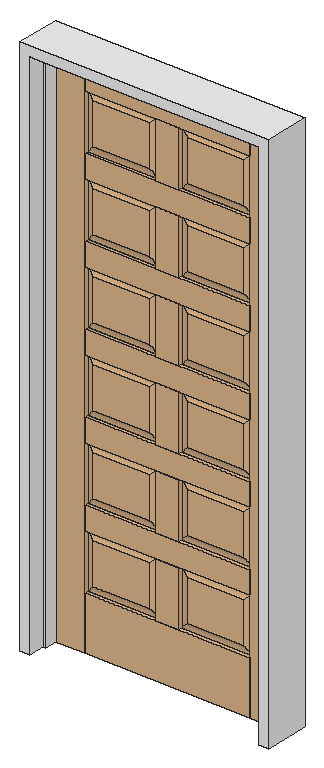
Revit family
Parameters (values of type "1 3/4" Raised Panel")
  URL = "http://www.karonadoor.com"
  Thickness Note = "Do not edit thickness."  # constant formula
  Thickness = 1.774"
  Swing Angle 2D = 90.00°
  SmartBIM Object Version = 1  # constant formula
  SmartBIM Object Created By = "Reed Construction Data"  # constant formula
  Rough Width = 0.000"
  Rough Height = 1.750"
  Panel = Panel_K3220_Karona : 1 3/4" - Raised Panel
  Model = "K3220 Square"  # constant formula
  Manufacturer = "Karona , Inc."  # constant formula
  Detail Door Thickness = 1.774"
  Assembly Code = ""
  Top Rail Height = 5.000"
  Top Rail = Wood, Cherry - Grain Horizontal
  Stile Width = 5.063"  # constant formula
  Stile = Wood, Cherry - Grain Vertical
  Sticking = Wood, Cherry - Grain Vertical
  Middle Rail = Wood, Cherry - Grain Horizontal
  Height = 84.000"
  Wall Closure = (empty or 0)
  Width = 36.000"
  Frame = Metal
  Bottom Rail Height = 8.500"
  Bottom Rail = Wood, Cherry - Grain Horizontal
  95 CSI = "08210"  # constant formula
  04 CSI = "08 14 33"  # constant formula
Types (9): name | Thickness | Rough Height | Panel | Detail Door Thickness | Top Rail
  1 3/4" Flat Panel | 1.774" | 1.750" | Panel_K3220_Karona : 1 3/4" - Flat Panel | 1.750" | Wood, Cherry - Grain Horizontal
  1 3/8" Flat Panel | 1.334" | 0.000" | Panel_K3220_Karona : 1 3/8" - Flat Panel | 1.375" | Wood, Cherry - Grain Vertical
  2 1/4" Flat Panel | 2.250" | 0.000" | Panel_K3220_Karona : 2 1/4" - Flat Panel | 2.250" | Wood, Cherry - Grain Horizontal
  1 3/4" Glass Panel | 1.774" | 1.750" | Panel_K3220_Karona : 1 3/4" - Glass Panel | 1.750" | Wood, Cherry - Grain Horizontal
  1 3/8" Glass Panel | 1.334" | 0.000" | Panel_K3220_Karona : 1 3/8" - Glass Panel | 1.375" | Wood, Cherry - Grain Vertical
  2 1/4" Glass Panel | 2.250" | 0.000" | Panel_K3220_Karona : 2 1/4" - Glass | 2.250" | Wood, Cherry - Grain Horizontal
  1 3/4" Raised Panel | 1.774" | 1.750" | Panel_K3220_Karona : 1 3/4" - Raised Panel | 1.774" | Wood, Cherry - Grain Horizontal
  1 3/8" Raised Panel | 1.334" | 0.000" | Panel_K3220_Karona : 1 3/8" - Raised Panel | 1.375" | Wood, Cherry - Grain Vertical
  2 1/4" Raised Panel | 2.250" | 0.000" | Panel_K3220_Karona : 2 1/4" - Raised Panel | 2.250" | Wood, Cherry - Grain Horizontal
Reference planes (in)
  plane 1 "Center (Front/Back)": y = 0
  plane 2 "Center (Left/Right)": x = 0
  plane 3 "Left": x = -18
  plane 4 "Right": x = 18
  plane 5 "Top": z = 84
  plane 6 "Exterior Edge of Frame": y = 3.5
  plane 7 "Interior Edge of Frame": y = -3.5
  plane 8: y = 1
  plane 9: y = -1
  plane 10 "Opening Left": x = -19.5
  plane 11 "Opening Right": x = 19.5
  plane 12 "Top of Opening": z = 85.5
  plane 13: x = -17.5
Forms (in)
  Sweep 1, solid, material "Metal" <- "Frame"
    path origin (0, 0, 0) x (1, 0, 0) y (0, 0, 1)
      loop
        line (-19.5, 0) -> (-19.5, 85.5) -> (19.5, 85.5) -> (19.5, 0)
    profile origin (-19.5, 0, 42.75) x (-1, 0, 0) y (0, -1, 0)
      loop
        line (0, -3.5) -> (0, 3.5) -> (-1.5, 3.5) -> (-1.5, 1) -> (-2, 1) -> (-2, -1) -> (-1.5, -1) -> (-1.5, -3.5) -> (0, -3.5)
Lines and regions (in)
  Opening 1
    outline origin (-90, -3, 0) x (1, 0, 0) y (0, 0, 1)
      loop
        line (70.5, 0) -> (109.5, 0) -> (109.5, 85.5) -> (70.5, 85.5) -> (70.5, 0)
  symbolic lines, style "Elevation Swing"
    curve 1: line (18, 3, 0) -> (-18, 3, 42)
    curve 2: line (-18, 3, 42) -> (18, 3, 84)
Text (in)
  text "Exterior" at (-46.13199, 20.20143, 0), in view "Ref. Level"
  text "Interior" at (-46.13199, -10.56751, 0), in view "Ref. Level"
  text "Exterior" at (0, 40.15149, 123.01588), in view "Right"
  text "Interior" at (0, -64.39139, 123.01588), in view "Right"
  text "Interior" at (0, -31.01599, 123.00693), in view "Left"
  text "Exterior" at (0, 54.57065, 123.00693), in view "Left"
Dimensions and locks (in)
  "Height": level to plane 5 "Top"
  "Width": plane 3 "Left" to plane 4 "Right"
  equal spacing: host wall, curve 2, plane 5 "Top"
  locked: host wall to plane 7 "Interior Edge of Frame" at 0.5
  locked: plane 6 "Exterior Edge of Frame" to host wall at 0.5
  locked: plane 9 to plane 7 "Interior Edge of Frame" at 2.5
  locked: plane 6 "Exterior Edge of Frame" to plane 8 at 2.5
  equal spacing: plane 3 "Left", plane 2 "Center (Left/Right)", plane 4 "Right"
  locked: plane 4 "Right" to plane 11 "Opening Right" at 1.5
  locked: plane 5 "Top" to plane 12 "Top of Opening" at 1.5
  locked: plane 3 "Left" to plane 13 at 0.5
  locked: plane 10 "Opening Left" to plane 3 "Left" at 1.5
  aligned and locked: Opening 1 sketch curve to level
  aligned and locked: plane 4 "Right" to curve 1
  aligned and locked: plane 3 "Left" to curve 1
  aligned and locked: plane 5 "Top" to curve 2
  aligned and locked: Opening 1 sketch curve to plane 11 "Opening Right"
  aligned and locked: plane 12 "Top of Opening" to Opening 1 sketch curve
  aligned and locked: Opening 1 sketch curve to plane 10 "Opening Left"
  aligned and locked: plane 10 "Opening Left" to Sweep 1 sketch curve
  aligned and locked: plane 12 "Top of Opening" to Sweep 1 sketch curve
  aligned and locked: plane 11 "Opening Right" to Sweep 1 sketch curve
  aligned and locked: level to Sweep 1 sketch curve  (x2)
  aligned and locked: Sweep 1 sketch curve to plane 10 "Opening Left"
  aligned and locked: Sweep 1 sketch curve to plane 6 "Exterior Edge of Frame"
  aligned and locked: Sweep 1 sketch curve to plane 7 "Interior Edge of Frame"
  aligned and locked: Sweep 1 sketch curve to plane 8
  aligned and locked: Sweep 1 sketch curve to plane 9
  aligned and locked: plane 13 to Sweep 1 sketch curve
  aligned and locked: plane 3 "Left" to Sweep 1 sketch curve  (x2)
  aligned and locked: nested 1 to plane 3 "Left"
  aligned and locked: nested 1 to plane 8
  aligned and locked: plane 2 "Center (Left/Right)" to nested 2
  aligned and locked: nested 2 to plane 8
Automatic sketch dimensions
  curve 1 to level = 0.000"
  curve 2 to plane 4 "Right" = 0.000"
Nested families (in)
  nested 1: "Door Panel Plan View" at (-31.5, 1, 0) x (-1, 0, 0) z (0, 0, 1), type "Door Panel Plan View"
    with Thickness 1.774", Height 84.000"
  nested 2: "Panel_K3220_Karona" at (13.5, 0.6575, 0), type <- "Panel", type "1 3/4" - Raised Panel"
    with Width 36.000", Top Rail Height 5.000", Top Panel Offset 9.36458", Thickness 1.774", Stile Width 5.063", Panel Width 11.1245", Panel Height 8.72917", Height 84.000", Half Panel Width 5.56225", Half Panel Height 4.36458", Exterior Edge - Glass Bottom Offset 0.567", Cross Rail and Panel Spacing Start 6.17708", Cross Rail Panel Height 12.35417", Bottom Rail Height 8.500"
Definition of nested family "Panel_K3220_Karona"
  Parameters (values of type "2 1/4" - Raised Panel")
    Width = 36.000"
    Top Rail Material = Wood, Cherry - Grain Horizontal
    Top Rail Height = 5.000"
    Top Panel Offset = Top Rail Height + Half Panel Height  # 9.03125"
    Thickness Note = "Do not change door thickness"  # constant formula
    Thickness = 2.250"
    Stile Width = 5.063"
    Stile Material = Wood, Cherry - Grain Vertical
    Sticking Material = Wood, Cherry - Grain Vertical
    Panel Width = (Width - (2 * Stile Width) - (1 * Mullion Width)) / 2  # 11.1245"
    Panel Height = (Height - (Bottom Rail Height + Top Rail Height) - (5 * 3.625")) / 6  # 8.0625"
    Panel = Glass-Sticking-Assembly-Square_Karona : Raised Panel
    Mullion Width = 3.625"  # constant formula
    Interior Panel = Wood, Cherry - Grain Vertical
    Height = 80.000"
    Half Panel Width = 0.5 * Panel Width  # 5.56225"
    Half Panel Height = 0.5 * Panel Height  # 4.03125"
    Exterior Edge - Glass Bottom Offset = if(Thickness = 1.774", 0.567", if(Thickness = 2.250", 0.803", 0.469"))  # 0.803"
    Door Panel Material = Wood, Cherry - Grain Vertical
    Default Elevation = 0.000"  # constant formula
    Cross Rail and Panel Spacing Start = Half Panel Height + 0.5 * (3.625")  # 5.84375"
    Cross Rail Panel Height = Panel Height + 3.625"  # 11.6875"
    Bottom Rail Material = Wood, Cherry - Grain Horizontal
    Bottom Rail Height = 8.500"
    Assembly Code = ""
  Types (9): name | Width | Top Rail Height | Top Panel Offset | Thickness | Stile Width | Panel Width | Panel Height | Panel | Interior Panel | Height | Half Panel Width | Half Panel Height | Exterior Edge - Glass Bottom Offset | Cross Rail and Panel Spacing Start | Cross Rail Panel Height | Bottom Rail Height
    2 1/4" - Flat Panel | 36.000" | 5.000" | 9.03125" | 2.250" | 5.063" | 11.1245" | 8.0625" | Glass-Sticking-Assembly-Square_Karona : Flat Panel | Wood, Cherry - Grain Vertical | 80.000" | 5.56225" | 4.03125" | 0.803" | 5.84375" | 11.6875" | 8.500"
    2 1/4" - Glass | 36.000" | 5.000" | 9.03125" | 2.250" | 5.063" | 11.1245" | 8.0625" | Glass-Sticking-Assembly-Square_Karona : Glass Panel | Glass | 80.000" | 5.56225" | 4.03125" | 0.803" | 5.84375" | 11.6875" | 8.500"
    2 1/4" - Raised Panel | 36.000" | 5.000" | 9.03125" | 2.250" | 5.063" | 11.1245" | 8.0625" | Glass-Sticking-Assembly-Square_Karona : Raised Panel | Wood, Cherry - Grain Vertical | 80.000" | 5.56225" | 4.03125" | 0.803" | 5.84375" | 11.6875" | 8.500"
    1 3/4" - Raised Panel | 48.000" | 10.000" | 14.32292" | 2.250" | 8.000" | 14.1875" | 8.64583" | Glass-Sticking-Assembly-Square_Karona : Raised Panel | Wood, Cherry - Grain Vertical | 90.000" | 7.09375" | 4.32292" | 0.803" | 6.13542" | 12.27083" | 10.000"
    1 3/4" - Flat Panel | 36.000" | 5.000" | 9.03125" | 1.774" | 5.063" | 11.1245" | 8.0625" | Glass-Sticking-Assembly-Square_Karona : Flat Panel | Wood, Cherry - Grain Vertical | 80.000" | 5.56225" | 4.03125" | 0.567" | 5.84375" | 11.6875" | 8.500"
    1 3/4" - Glass Panel | 36.000" | 5.000" | 9.03125" | 1.774" | 5.063" | 11.1245" | 8.0625" | Glass-Sticking-Assembly-Square_Karona : Glass Panel | Glass | 80.000" | 5.56225" | 4.03125" | 0.567" | 5.84375" | 11.6875" | 8.500"
    1 3/8" - Raised Panel | 36.000" | 5.000" | 9.03125" | 1.334" | 5.063" | 11.1245" | 8.0625" | Glass-Sticking-Assembly-Square_Karona : Raised Panel | Wood, Cherry - Grain Vertical | 80.000" | 5.56225" | 4.03125" | 0.469" | 5.84375" | 11.6875" | 8.500"
    1 3/8" - Glass Panel | 36.000" | 5.000" | 9.03125" | 1.334" | 5.063" | 11.1245" | 8.0625" | Glass-Sticking-Assembly-Square_Karona : Glass Panel | Glass | 80.000" | 5.56225" | 4.03125" | 0.469" | 5.84375" | 11.6875" | 8.500"
    1 3/8" - Flat Panel | 36.000" | 5.000" | 9.03125" | 1.334" | 5.063" | 11.1245" | 8.0625" | Glass-Sticking-Assembly-Square_Karona : Flat Panel | Wood, Cherry - Grain Horizontal | 80.000" | 5.56225" | 4.03125" | 0.469" | 5.84375" | 11.6875" | 8.500"
  Reference planes (in)
    plane 1 "Center (Front/Back)": y = 1.2315
    plane 2: z = 0
    plane 3 "Center (Left/Right)": x = -13.5
    plane 4 "Left": x = -31.5
    plane 5: x = 4.5
    plane 6 "Inner Left": x = -26.437
    plane 7 "Inner Right": x = -0.563
    plane 8: z = 8.5
    plane 9 "Bottom Of Top Rail": z = 75
    plane 10 "Top": z = 80
    plane 11 "Interior Edge of Door": y = 2.3565
    plane 12: z = 75
    plane 13 "Exterior Edge of Door": y = 0.1065
    plane 14 "Bottom of Glass": y = 0.9095
    plane 15 "Left Panel Vertical Midline": x = -20.87475
    plane 16 "Right Panel Vertical Midline": x = -6.12525
    plane 17 "Center of Left Vertical Mullion": x = -17.18738
    plane 18 "Center of Right Vertical Mullion": x = -9.81263
    plane 19 "Horizontal Midline Panel 2": z = 59.28125
    plane 20 "Horizontal Midline Panel 3": z = 47.59375
    plane 21 "Horizontal Midline Panel 4": z = 35.90625
    plane 22 "Horizontal Midline Panel 5": z = 24.21875
    plane 23 "Cross Rail 3": z = 41.75
    plane 24 "Cross Rail 4": z = 30.0625
    plane 25 "Cross Rail Bottom": z = 18.375
    plane 26 "Horizontal Midline Panel 6": z = 12.53125
    plane 27: z = 70.96875
    plane 28 "Cross Rail 2": z = 53.4375
    plane 29 "Cross Rail Top": z = 65.125
  Forms (in)
    Extrusion 1, solid, material "Wood, Cherry - Grain Horizontal" <- "Bottom Rail Material"
      sketch origin (0, -101.3125, 0) x (1, 0, 0) y (0, 0, 1)
        loop
          line (-26.437, 0) -> (-0.563, 0) -> (-0.563, 8.5) -> (-26.437, 8.5) -> (-26.437, 0)
      from -103.669 to -101.419
    Extrusion 2, solid, material "Wood, Cherry - Grain Vertical" <- "Stile Material"
      sketch origin (0, 1.2315, 0) x (1, 0, 0) y (0, 0, 1)
        loop
          line (-31.5, 80) -> (-31.5, 0) -> (-26.437, 0) -> (-26.437, 80) -> (-31.5, 80)
        loop
          line (-0.563, 0) -> (4.5, 0) -> (4.5, 80) -> (-0.563, 80) -> (-0.563, 0)
      from -1.125 to 1.125
    Extrusion 3, solid, material "Wood, Cherry - Grain Horizontal" <- "Top Rail Material"
      sketch origin (0, 1.2315, 0) x (1, 0, 0) y (0, 0, 1)
        loop
          line (-26.437, 80) -> (-26.437, 75) -> (-0.563, 75) -> (-0.563, 80) -> (-26.437, 80)
      from -1.125 to 1.125
    Extrusion 4, solid, material "Wood, Cherry - Grain Vertical" <- "Stile Material"
      sketch origin (0, 1.2315, 0) x (1, 0, 0) y (0, 0, 1)
        loop
          line (-15.3125, 8.5) -> (-11.6875, 8.5) -> (-11.6875, 16.562) -> (-15.3125, 16.562) -> (-15.3125, 8.5)
        loop
          line (-15.3125, 75) -> (-15.3125, 66.938) -> (-11.6875, 66.938) -> (-11.6875, 75) -> (-15.3125, 75)
        loop
          line (-15.3125, 55.2505) -> (-11.6875, 55.2505) -> (-11.6875, 63.312) -> (-15.3125, 63.312) -> (-15.3125, 55.2505)
        loop
          line (-15.3125, 43.563) -> (-11.6875, 43.563) -> (-11.6875, 51.6245) -> (-15.3125, 51.6245) -> (-15.3125, 43.563)
        loop
          line (-15.3125, 31.8755) -> (-11.6875, 31.8755) -> (-11.6875, 39.937) -> (-15.3125, 39.937) -> (-15.3125, 31.8755)
        loop
          line (-15.3125, 20.188) -> (-11.6875, 20.188) -> (-11.6875, 28.2495) -> (-15.3125, 28.2495) -> (-15.3125, 20.188)
      from -1.125 to 1.125
    Extrusion 5, solid, material "Wood, Cherry - Grain Horizontal" <- "Top Rail Material"
      sketch origin (0, 1.2315, 0) x (1, 0, 0) y (0, 0, 1)
        loop
          line (-26.437, 66.938) -> (-26.437, 63.312) -> (-0.563, 63.312) -> (-0.563, 66.938) -> (-26.437, 66.938)
        loop
          line (-0.563, 16.562) -> (-0.563, 20.188) -> (-26.437, 20.188) -> (-26.437, 16.562) -> (-0.563, 16.562)
        loop
          line (-0.563, 28.2495) -> (-0.563, 31.8755) -> (-26.437, 31.8755) -> (-26.437, 28.2495) -> (-0.563, 28.2495)
        loop
          line (-0.563, 39.937) -> (-0.563, 43.563) -> (-26.437, 43.563) -> (-26.437, 39.937) -> (-0.563, 39.937)
        loop
          line (-0.563, 51.6245) -> (-0.563, 55.2505) -> (-26.437, 55.2505) -> (-26.437, 51.6245) -> (-0.563, 51.6245)
      from -1.125 to 1.125
  Text (in)
    text "EXTERIOR" at (-34.59289, -1.27941, 0), in view "Ref. Level"
    text "EXTERIOR" at (0, -9.65287, 72.76687), in view "Left"
    text "EXTERIOR" at (0, -33.33473, 96.68074), in view "Right"
  Dimensions and locks (in)
    equal spacing: plane 4 "Left", plane 3 "Center (Left/Right)", plane 5
    "Width": plane 4 "Left" to plane 5
    "Stile Width": plane 4 "Left" to plane 6 "Inner Left"
    "Stile Width": plane 5 to plane 7 "Inner Right"
    "Bottom Rail Height": plane 8 to plane 2
    "Top Rail Height": plane 10 "Top" to plane 9 "Bottom Of Top Rail"
    "Height": plane 10 "Top" to plane 2
    equal spacing: plane 11 "Interior Edge of Door", plane 1 "Center (Front/Back)", plane 13 "Exterior Edge of Door"
    "Thickness": plane 11 "Interior Edge of Door" to plane 13 "Exterior Edge of Door"
    "Exterior Edge - Glass Bottom Offset": plane 14 "Bottom of Glass" to plane 13 "Exterior Edge of Door"
    "Exterior Edge - Glass Bottom Offset": plane 13 "Exterior Edge of Door" to plane 14 "Bottom of Glass"
    "Half Panel Width": plane 15 "Left Panel Vertical Midline" to plane 6 "Inner Left"
    "Half Panel Width": plane 7 "Inner Right" to plane 16 "Right Panel Vertical Midline"
    equal spacing: plane 3 "Center (Left/Right)", plane 17 "Center of Left Vertical Mullion", plane 15 "Left Panel Vertical Midline"
    equal spacing: plane 16 "Right Panel Vertical Midline", plane 18 "Center of Right Vertical Mullion", plane 3 "Center (Left/Right)"
    "Half Panel Height": plane 26 "Horizontal Midline Panel 6" to plane 8
    "Cross Rail and Panel Spacing Start": plane 25 "Cross Rail Bottom" to plane 26 "Horizontal Midline Panel 6"
    "Cross Rail Panel Height": plane 24 "Cross Rail 4" to plane 25 "Cross Rail Bottom"
    "Cross Rail Panel Height": plane 23 "Cross Rail 3" to plane 24 "Cross Rail 4"
    "Cross Rail Panel Height": plane 28 "Cross Rail 2" to plane 23 "Cross Rail 3"
    "Cross Rail Panel Height": plane 29 "Cross Rail Top" to plane 28 "Cross Rail 2"
    equal spacing: Extrusion 5 sketch curve, plane 29 "Cross Rail Top", Extrusion 5 sketch curve
    equal spacing: Extrusion 5 sketch curve, plane 28 "Cross Rail 2", Extrusion 5 sketch curve
    equal spacing: Extrusion 5 sketch curve, plane 23 "Cross Rail 3", Extrusion 5 sketch curve
    equal spacing: Extrusion 5 sketch curve, plane 24 "Cross Rail 4", Extrusion 5 sketch curve
    equal spacing: Extrusion 5 sketch curve, plane 25 "Cross Rail Bottom", Extrusion 5 sketch curve
    locked: Extrusion 5 sketch curve to Extrusion 5 sketch curve at 3.626  (x5)
    equal spacing: plane 24 "Cross Rail 4", plane 22 "Horizontal Midline Panel 5", plane 25 "Cross Rail Bottom"
    equal spacing: plane 23 "Cross Rail 3", plane 21 "Horizontal Midline Panel 4", plane 24 "Cross Rail 4"
    equal spacing: plane 28 "Cross Rail 2", plane 20 "Horizontal Midline Panel 3", plane 23 "Cross Rail 3"
    equal spacing: plane 29 "Cross Rail Top", plane 19 "Horizontal Midline Panel 2", plane 28 "Cross Rail 2"
    "Cross Rail and Panel Spacing Start": plane 27 to plane 29 "Cross Rail Top"
    locked: Extrusion 4 sketch curve to Extrusion 4 sketch curve at 3.625
    aligned and locked: Extrusion 1 to plane 2
    aligned and locked: plane 11 "Interior Edge of Door" to Extrusion 1
    aligned and locked: plane 4 "Left" to Extrusion 2 sketch curve
    aligned and locked: Extrusion 2 sketch curve to plane 10 "Top"
    aligned and locked: Extrusion 2 sketch curve to Extrusion 1  (x3)
    aligned and locked: Extrusion 1 to Extrusion 2 sketch curve
    aligned and locked: plane 10 "Top" to Extrusion 2 sketch curve
    aligned and locked: plane 5 to Extrusion 2 sketch curve
    aligned and locked: plane 11 "Interior Edge of Door" to Extrusion 2
    aligned and locked: Extrusion 2 to Extrusion 3 sketch curve
    aligned and locked: Extrusion 3 sketch curve to Extrusion 2
    aligned and locked: plane 11 "Interior Edge of Door" to Extrusion 3
    aligned and locked: plane 12 to plane 9 "Bottom Of Top Rail"
    aligned and locked: level to plane 2
    aligned and locked: Extrusion 3 to plane 13 "Exterior Edge of Door"
    aligned and locked: Extrusion 3 to plane 11 "Interior Edge of Door"
    aligned and locked: Extrusion 2 to plane 13 "Exterior Edge of Door"
    aligned and locked: Extrusion 3 to plane 12
    aligned and locked: Extrusion 1 to Extrusion 2
    aligned and locked: nested 1 to plane 1 "Center (Front/Back)"
    aligned and locked: nested 1 to plane 15 "Left Panel Vertical Midline"
    aligned and locked: nested 2 to plane 1 "Center (Front/Back)"
    aligned and locked: nested 2 to plane 16 "Right Panel Vertical Midline"
    aligned and locked: Extrusion 4 sketch curve to plane 12
    aligned and locked: Extrusion 4 sketch curve to plane 8
    aligned and locked: plane 11 "Interior Edge of Door" to Extrusion 4
    aligned and locked: Extrusion 4 to plane 13 "Exterior Edge of Door"
    aligned and locked: Extrusion 5 sketch curve to plane 6 "Inner Left"
    aligned and locked: Extrusion 5 sketch curve to plane 7 "Inner Right"
    aligned and locked: plane 11 "Interior Edge of Door" to Extrusion 5
    aligned and locked: Extrusion 5 to plane 13 "Exterior Edge of Door"
    aligned and locked: plane 26 "Horizontal Midline Panel 6" to nested 1
    aligned and locked: plane 27 to nested 3
    aligned and locked: plane 15 "Left Panel Vertical Midline" to nested 3
    aligned and locked: plane 27 to nested 4
    aligned and locked: plane 16 "Right Panel Vertical Midline" to nested 4
    aligned and locked: plane 19 "Horizontal Midline Panel 2" to nested 11
    aligned and locked: plane 19 "Horizontal Midline Panel 2" to nested 12
    aligned and locked: plane 16 "Right Panel Vertical Midline" to nested 12
    aligned and locked: plane 16 "Right Panel Vertical Midline" to nested 10
    aligned and locked: plane 16 "Right Panel Vertical Midline" to nested 8
    aligned and locked: plane 16 "Right Panel Vertical Midline" to nested 6
    aligned and locked: plane 20 "Horizontal Midline Panel 3" to nested 10
    aligned and locked: plane 20 "Horizontal Midline Panel 3" to nested 9
    aligned and locked: plane 21 "Horizontal Midline Panel 4" to nested 7
    aligned and locked: plane 21 "Horizontal Midline Panel 4" to nested 8
    aligned and locked: plane 22 "Horizontal Midline Panel 5" to nested 5
    aligned and locked: plane 22 "Horizontal Midline Panel 5" to nested 6
    aligned and locked: plane 15 "Left Panel Vertical Midline" to nested 11
    aligned and locked: plane 15 "Left Panel Vertical Midline" to nested 9
    aligned and locked: plane 15 "Left Panel Vertical Midline" to nested 7
    aligned and locked: plane 15 "Left Panel Vertical Midline" to nested 5
    aligned and locked: plane 26 "Horizontal Midline Panel 6" to nested 2
  Automatic sketch dimensions
    Extrusion 1 sketch curve to plane 6 "Inner Left" = 0.000"
    Extrusion 1 sketch curve to plane 7 "Inner Right" = 0.000"
    Extrusion 1 sketch curve to level = 0.000"
    Extrusion 1 sketch curve to plane 8 = 0.000"
    Extrusion 3 sketch curve to plane 7 "Inner Right" = 0.000"
    plane 9 "Bottom Of Top Rail" to Extrusion 3 sketch curve = 0.000"
    Extrusion 5 sketch curve to plane 7 "Inner Right" = 0.000"  (x4)
    Extrusion 5 sketch curve to plane 6 "Inner Left" = 0.000"  (x4)
    plane 24 "Cross Rail 4" to Extrusion 4 sketch curve = 1.813"
    Extrusion 4 sketch curve to plane 23 "Cross Rail 3" = 1.813"
    plane 23 "Cross Rail 3" to Extrusion 4 sketch curve = 1.813"
    plane 28 "Cross Rail 2" to Extrusion 4 sketch curve = 1.813"
    plane 29 "Cross Rail Top" to Extrusion 4 sketch curve = 1.813"
    Extrusion 4 sketch curve to plane 28 "Cross Rail 2" = 1.813"
    plane 25 "Cross Rail Bottom" to Extrusion 4 sketch curve = 1.813"
    Extrusion 4 sketch curve to plane 25 "Cross Rail Bottom" = 1.813"
    Extrusion 4 sketch curve to plane 24 "Cross Rail 4" = 1.813"
    Extrusion 4 sketch curve to plane 29 "Cross Rail Top" = 1.813"
    Extrusion 4 sketch curve to plane 3 "Center (Left/Right)" = 1.8125"  (x6)
    plane 3 "Center (Left/Right)" to Extrusion 4 sketch curve = 1.8125"  (x5)
  Nested families (in)
    nested 1: "Glass-Sticking-Assembly-Square_Karona" at (-21.3435, 1.38, 8.5), Width <- "Panel Width", Height <- "Panel Height", type <- "Panel", type "Raised Panel"
      with Width 11.1245", Height 8.0625", Door Thickness 2.250", C 0.439", B 0.803", A 0.433"
    nested 2: "Glass-Sticking-Assembly-Square_Karona" at (-6.594, 1.38, 8.5), Width <- "Panel Width", Height <- "Panel Height", type <- "Panel", type "Raised Panel"
      with Width 11.1245", Height 8.0625", Door Thickness 2.250", C 0.439", B 0.803", A 0.433"
    nested 3: "Glass-Sticking-Assembly-Square_Karona" at (-21.3435, 1.38, 66.9375), Width <- "Panel Width", Height <- "Panel Height", type <- "Panel", type "Raised Panel"
      with Width 11.1245", Height 8.0625", Door Thickness 2.250", C 0.439", B 0.803", A 0.433"
    nested 4: "Glass-Sticking-Assembly-Square_Karona" at (-6.594, 1.38, 66.9375), Width <- "Panel Width", Height <- "Panel Height", type <- "Panel", type "Raised Panel"
      with Width 11.1245", Height 8.0625", Door Thickness 2.250", C 0.439", B 0.803", A 0.433"
    nested 5: "Glass-Sticking-Assembly-Square_Karona" at (-21.3435, 1.3784, 20.1875), Width <- "Panel Width", Height <- "Panel Height", type <- "Panel", type "Raised Panel"
      with Width 11.1245", Height 8.0625", Door Thickness 2.250", C 0.439", B 0.803", A 0.433"
    nested 6: "Glass-Sticking-Assembly-Square_Karona" at (-6.594, 1.3784, 20.1875), Width <- "Panel Width", Height <- "Panel Height", type <- "Panel", type "Raised Panel"
      with Width 11.1245", Height 8.0625", Door Thickness 2.250", C 0.439", B 0.803", A 0.433"
    nested 7: "Glass-Sticking-Assembly-Square_Karona" at (-21.3435, 1.3788, 31.875), Width <- "Panel Width", Height <- "Panel Height", type <- "Panel", type "Raised Panel"
      with Width 11.1245", Height 8.0625", Door Thickness 2.250", C 0.439", B 0.803", A 0.433"
    nested 8: "Glass-Sticking-Assembly-Square_Karona" at (-6.594, 1.3788, 31.875), Width <- "Panel Width", Height <- "Panel Height", type <- "Panel", type "Raised Panel"
      with Width 11.1245", Height 8.0625", Door Thickness 2.250", C 0.439", B 0.803", A 0.433"
    nested 9: "Glass-Sticking-Assembly-Square_Karona" at (-21.3435, 1.3792, 43.5625), Width <- "Panel Width", Height <- "Panel Height", type <- "Panel", type "Raised Panel"
      with Width 11.1245", Height 8.0625", Door Thickness 2.250", C 0.439", B 0.803", A 0.433"
    nested 10: "Glass-Sticking-Assembly-Square_Karona" at (-6.594, 1.3792, 43.5625), Width <- "Panel Width", Height <- "Panel Height", type <- "Panel", type "Raised Panel"
      with Width 11.1245", Height 8.0625", Door Thickness 2.250", C 0.439", B 0.803", A 0.433"
    nested 11: "Glass-Sticking-Assembly-Square_Karona" at (-21.3435, 1.3796, 55.25), Width <- "Panel Width", Height <- "Panel Height", type <- "Panel", type "Raised Panel"
      with Width 11.1245", Height 8.0625", Door Thickness 2.250", C 0.439", B 0.803", A 0.433"
    nested 12: "Glass-Sticking-Assembly-Square_Karona" at (-6.594, 1.3796, 55.25), Width <- "Panel Width", Height <- "Panel Height", type <- "Panel", type "Raised Panel"
      with Width 11.1245", Height 8.0625", Door Thickness 2.250", C 0.439", B 0.803", A 0.433"
  Definition of nested family "Glass-Sticking-Assembly-Square_Karona"
    Parameters (values of type "Glass Panel")
      Width [instance] = 19.000"
      Stop Adjustment = if(and(not(Glass Panel), Door Thickness = 1.774"), 0.513", if(and(not(Glass Panel), Door Thickness = 2.250"), 0.513", if((Glass Panel), 0.125", 0.273")))  # 0.125"
      Profile = Wood, Cherry - Grain Vertical
      Height [instance] = 23.000"
      Raised Panel = no
      Interior Panel = Wood, Cherry - Grain Vertical
      Glass Panel = yes
      Door Thickness = 1.774"
      C = if(Glass Panel, 0.125", if(Door Thickness = 1.774", 0.200", if(Door Thickness = 2.250", 0.439", 0.191")))  # 0.125"
      B = if(Door Thickness = 1.774", 0.567", if(Door Thickness = 2.250", 0.803", 0.469"))  # 0.567"
      Assembly Code = ""
      A = if(Door Thickness = 1.774", 0.197", if(Door Thickness = 2.250", 0.433", 0.194"))  # 0.197"
    Types (3): name | Width | Stop Adjustment | Raised Panel | Glass Panel | C
      Glass Panel | 19.000" | 0.125" | no | yes | 0.125"
      Flat Panel | 4.500" | 0.513" | no | no | 0.200"
      Raised Panel | 4.000" | 0.513" | yes | no | 0.200"
    Reference planes (in)
      plane 1 "Stop Adjustment Edge": y = -0.3455
      plane 2: z = 0
      plane 3 "Center (Left/Right)": x = 0.46875
      plane 4 "Back": y = 0.7365
      plane 5 "Front": y = -1.0375
      plane 6 "Left": x = -9.03125
      plane 7 "Right": x = 9.96875
      plane 8 "Top": z = 23
      plane 9 "Center (Up/Down)": z = 11.5
      plane 10 "Bottom of Stop": y = -0.2205
      plane 11 "Bottom of Glass": y = -0.4705
      plane 12 "Right Edge of Glass": x = 10.35675
      plane 13 "Left Edge of Glass": x = -9.41925
      plane 14 "Top Edge of Glass": z = 23.34425
      plane 15 "Bottom Edge of Glass": z = -0.34425
      plane 16 "A": y = -0.8405
      plane 17 "C": y = 0.6115
      plane 18: z = 0.438
      plane 19: z = 22.562
      plane 20: x = -8.59325
      plane 21: x = 9.53075
      plane 22 "Center (Front/Back)": y = -0.1505
      plane 23: x = -9.46925
      plane 24: x = 10.40675
      plane 25: z = 23.438
      plane 26: z = -0.438
    Forms (in)
      Extrusion 1, solid, material "Wood, Cherry - Grain Vertical" <- "Interior Panel"
        sketch origin (0, 0, 0) x (1, 0, 0) y (0, 1, 0)
          loop
            line (-9.41925, -0.2205) -> (-9.41925, -0.4705) -> (10.35675, -0.4705) -> (10.35675, -0.2205) -> (-9.41925, -0.2205)
        from -0.34425 to 23.34425
      Extrusion 2, solid, material "Wood, Cherry - Grain Vertical" <- "Profile", visible <- "Raised Panel"
        sketch origin (0, 0, 0) x (1, 0, 0) y (0, 1, 0)
          loop
            line (9.96875, 0.6115) -> (-9.03125, 0.6115) -> (-9.03125, -0.2205) -> (9.96875, -0.2205) -> (9.96875, 0.6115)
          loop
            line (-9.03125, -0.4705) -> (-9.03125, -0.8405) -> (9.96875, -0.8405) -> (9.96875, -0.4705) -> (-9.03125, -0.4705)
        from 0 to 23
      Sweep 3, void
        path origin (0, -0.2205, 0) x (-1, 0, 0) y (0, 0, 1)
          loop
            line (9.46925, -0.438) -> (9.46925, 23.438) -> (-10.40675, 23.438) -> (-10.40675, -0.438) -> (9.46925, -0.438)
        profile "Profile : 05" origin (-9.46925, -0.2205, 11.5) x (1, 0, 0) y (0, 1, 0)
          loop
            line (0, 0.05) -> (0.36169, 0.05096)
            arc (0.36169, 0.05096) -> (1.01257, 0.13642) -> (1.61934, 0.387) r 2.52143
            line (1.61934, 0.387) -> (0, 0.387) -> (0, 0.05)
      Sweep 4, void
        path origin (0, -0.4705, 0) x (-1, 0, 0) y (0, 0, 1)
          loop
            line (-10.40675, 23.438) -> (-10.40675, -0.438) -> (9.46925, -0.438) -> (9.46925, 23.438) -> (-10.40675, 23.438)
        profile "Profile : 05" origin (10.40675, -0.4705, 11.5) x (-1, 0, 0) y (0, 1, 0)
          loop
            line (0, -0.05) -> (0, -0.387) -> (1.61934, -0.387)
            arc (1.61934, -0.387) -> (1.01257, -0.13642) -> (0.36169, -0.05096) r 2.52143
            line (0.36169, -0.05096) -> (0, -0.05)
    Cuts and joins
      Sweep 3, Sweep 4 cuts Extrusion 2
    Text (in)
      text "INTERIOR" at (-14.3788, 3.49864, 0), in view "Ref. Level"
    Dimensions and locks (in)
      equal spacing: plane 6 "Left", plane 3 "Center (Left/Right)", plane 7 "Right"
      "Width": plane 6 "Left" to plane 7 "Right"
      "Door Thickness": plane 4 "Back" to plane 5 "Front"
      "Height": plane 8 "Top" to plane 2
      equal spacing: plane 8 "Top", plane 9 "Center (Up/Down)", level
      locked: plane 1 "Stop Adjustment Edge" to plane 11 "Bottom of Glass" at 0.125
      "Stop Adjustment": plane 10 "Bottom of Stop" to plane 1 "Stop Adjustment Edge"
      locked: plane 7 "Right" to plane 12 "Right Edge of Glass" at 0.388
      locked: plane 14 "Top Edge of Glass" to plane 8 "Top" at 0.34425
      locked: level to plane 15 "Bottom Edge of Glass" at 0.34425
      locked: plane 13 "Left Edge of Glass" to plane 6 "Left" at 0.388
      "B": plane 5 "Front" to plane 11 "Bottom of Glass"
      "A": plane 5 "Front" to plane 16 "A"
      "C": plane 17 "C" to plane 4 "Back"
      locked: plane 18 to level at 0.438
      locked: plane 8 "Top" to plane 19 at 0.438
      locked: plane 6 "Left" to plane 20 at 0.438
      locked: plane 21 to plane 7 "Right" at 0.438
      equal spacing: plane 4 "Back", plane 22 "Center (Front/Back)", plane 5 "Front"
      locked: plane 23 to plane 13 "Left Edge of Glass" at 0.05
      locked: plane 12 "Right Edge of Glass" to plane 24 at 0.05
      locked: plane 25 to plane 14 "Top Edge of Glass" at 0.09375
      locked: plane 15 "Bottom Edge of Glass" to plane 26 at 0.09375
      aligned and locked: Extrusion 1 sketch curve to plane 13 "Left Edge of Glass"
      aligned and locked: Extrusion 1 sketch curve to plane 10 "Bottom of Stop"
      aligned and locked: Extrusion 1 sketch curve to plane 11 "Bottom of Glass"
      aligned and locked: Extrusion 1 sketch curve to plane 12 "Right Edge of Glass"
      aligned and locked: plane 14 "Top Edge of Glass" to Extrusion 1
      aligned and locked: Extrusion 1 to plane 15 "Bottom Edge of Glass"
      aligned and locked: Extrusion 2 sketch curve to plane 17 "C"
      aligned and locked: Extrusion 2 sketch curve to plane 10 "Bottom of Stop"
      aligned and locked: Extrusion 2 sketch curve to plane 11 "Bottom of Glass"
      aligned and locked: Extrusion 2 sketch curve to plane 16 "A"
      aligned and locked: plane 25 to Sweep 4 sketch curve
      aligned and locked: Sweep 4 sketch curve to plane 23
      aligned and locked: plane 24 to Sweep 4 sketch curve
      aligned and locked: Sweep 4 sketch curve to plane 26
      aligned and locked: plane 25 to Sweep 3 sketch curve
      aligned and locked: plane 24 to Sweep 3 sketch curve
      aligned and locked: Sweep 3 sketch curve to plane 23
      aligned and locked: Sweep 3 sketch curve to plane 26
      aligned and locked: plane 6 "Left" to Extrusion 2 sketch curve  (x2)
      aligned and locked: plane 7 "Right" to Extrusion 2 sketch curve  (x2)
      aligned and locked: plane 8 "Top" to Extrusion 2
      aligned and locked: Extrusion 2 to level
Definition of nested family "Door Panel Plan View"
  Parameters (values of type "Door Panel Plan View")
    Width = 36.000"
    Thickness = 2.000"
    Swing Angle 2D = 90.00°
    Height = 0.000"
    Assembly Code = ""
  Reference planes (in)
    plane 1 "Center (Front/Back)": y = 0
    plane 2: z = 0
    plane 3 "Center (Left/Right)": x = -13.5
  Lines and regions (in)
    symbolic lines, style "DoorsPanelProjection"
      curve 1: line (-13.5, 0, 0) -> (-13.5, 36, 0)
      curve 2: line (-15.5, 0, 0) -> (-15.5, 36, 0)
      curve 3: line (-13.5, 0, 0) -> (-15.5, 0, 0)
      curve 4: line (-13.5, 36, 0) -> (-15.5, 36, 0)
    symbolic lines, style "Plan Swing"
      curve 5: arc (-13.5, 36, 0) -> (-38.95584, 25.45584, 0) -> (-49.5, 0, 0) r 36
  Dimensions and locks (in)
    "Width": curve 4 to curve 3
    "Thickness": curve 1 to curve 2
    "Swing Angle 2D": angle curve 1 to plane 1 "Center (Front/Back)"
    aligned and locked: plane 1 "Center (Front/Back)" to curve 5
  Automatic sketch dimensions
    curve 3 to plane 1 "Center (Front/Back)" = 0.000"
    curve 5 to plane 3 "Center (Left/Right)" = 0.000"
    curve 3 to plane 3 "Center (Left/Right)" = 0.000"
